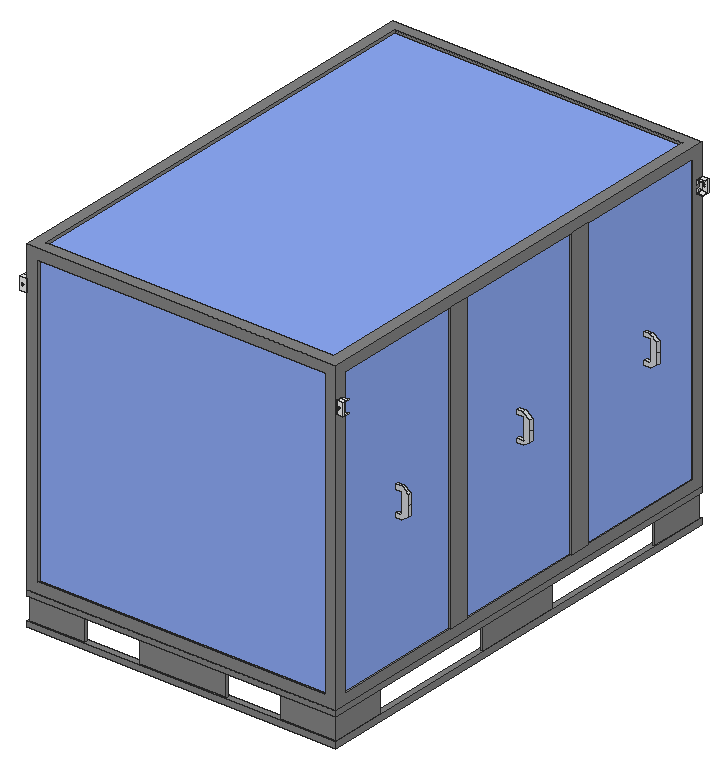
Revit family "11.1 Секция шумоглушения удлиненная ANR H2", category Оборудование, Revit 2016
Family settings
  Тип детали = Нормальный
  Размер круглого соединителя = Использовать диаметр
  На основе рабочей плоскости = Нет
  Всегда вертикально = Да
  При загрузке вырезать с полостями = Нет
  Общий = Нет
  Точка расчета площади = Нет
Parameters (values of type "ANR 6 H2")
  №6 = yes
  №45 = no
  №40 = no
  №35 = no
  №30 = no
  №25 = no
  №20 = no
  Ширина = А - 75 mm  # 1025 mm
  Синий = Синий
  Середина = h + Б1 / 2  # 670 mm
  К2 = Д / 8  # 203.125 mm
  К = (Д - 75 mm) / 3  # 516.667 mm
  Д1 = Д - 20 mm  # 1605 mm
  Д = 1625 mm  # constant formula
  ножки(да/нет) [instance] = no
  Высота = Б - 75 mm  # 1025 mm
  Б1 = Б - 20 mm  # 1080 mm
  А1 = А - 20 mm  # 1080 mm
  А = 1100 mm
  высота ножек = 120 mm
  Б = 1100 mm
  Частотный преобразователь [instance] = no
  Частота вращения n, об/мин = ""
  Тип, марка, обозначение = "ANR 6 H2"
  Сила тока J, А = ""
  Регулятор расхода [instance] = no
  Раздел = "ОВ"
  Примечание = ""
  Позиция = ""
  Напряжение U,В = ""
  Наименование и тех.хар-ка = "Секция шумоглушения удлиненная"  # constant formula
  Мощность двигателя N,Вт = ""
  Материал = Сталь серая
  Масса единицы = ""
  Код, оборудования = ""
  Ключевая пометка = "Вентиляция"
  Задание электрикам [instance] = no
  Задание автоматчикам [instance] = no
  Завод изготовитель = "KORF"  # constant formula
  Единица измерения = "шт."  # constant formula
  h = высота ножек + 10 mm  # 130 mm
Reference planes
  plane 1 "По центру (Вперед/Назад)": y = 0
  plane 2: z = 0
  plane 3 "По центру (Влево/Вправо)": x = 0
  plane 4: x = -540
  plane 5: x = 540
  plane 6: y = 802.5
  plane 7: y = -802.5
  plane 8: z = 1210
  plane 9: z = 130
  plane 10: y = -152
  plane 11: z = 670
  plane 12: z = 1110
  plane 13: x = 574.5
  plane 14: x = 590
  plane 15: y = -258.333
  plane 16: y = 258.333
  plane 17: x = 550
  plane 18: y = -540.833
  plane 19: y = 575
  plane 20: z = 614.658
Forms (mm)
  Extrusion 1, solid, material "Синий" <- "Синий", detail levels fine
    sketch origin (0, 0, 50) x (1, 0, 0) y (0, 1, 0)
      loop
        line (-540, 802.5) -> (-540, -802.5) -> (540, -802.5) -> (540, 802.5) -> (-540, 802.5)
    from 80 to 1160
  Sweep 2, solid, material "Сталь серая" <- "Материал", detail levels fine
    path origin (540, -802.5, 50) x (-1, 0, 0) y (0, 0, -1)
      loop
        line (0, -1160) -> (1080, -1160) -> (1080, -80) -> (0, -80) -> (0, -1160)
    profile "Профиль уголок 10х10 : Профиль уголок 10х10" origin (0, -802.5, 1210) x (0, 0, -1) y (0, -1, 0)
      loop
        line (0, -27.5) -> (0, 0) -> (27.5, 0) -> (27.5, 10) -> (-10, 10) -> (-10, -27.5) -> (0, -27.5)
  Sweep 3, solid, material "Сталь серая" <- "Материал", detail levels fine
    path origin (-540, 802.5, 50) x (1, 0, 0) y (0, 0, -1)
      loop
        line (0, -1160) -> (1080, -1160) -> (1080, -80) -> (0, -80) -> (0, -1160)
    profile "Профиль уголок 10х10 : Профиль уголок 10х10" origin (0, 802.5, 1210) x (0, 0, -1) y (0, 1, 0)
      loop
        line (0, -27.5) -> (0, 0) -> (27.5, 0) -> (27.5, 10) -> (-10, 10) -> (-10, -27.5) -> (0, -27.5)
  Sweep 4, solid, material "Сталь серая" <- "Материал", detail levels fine
    path origin (540, 802.5, 50) x (0, -1, 0) y (0, 0, -1)
      loop
        line (0, -1160) -> (1605, -1160) -> (1605, -80) -> (0, -80) -> (0, -1160)
    profile "Профиль уголок 10х10 : Профиль уголок 10х10" origin (540, 0, 1210) x (0, 0, -1) y (1, 0, 0)
      loop
        line (0, -27.5) -> (0, 0) -> (27.5, 0) -> (27.5, 10) -> (-10, 10) -> (-10, -27.5) -> (0, -27.5)
  Sweep 5, solid, material "Сталь серая" <- "Материал", detail levels fine
    path origin (-540, -802.5, 50) x (0, 1, 0) y (0, 0, -1)
      loop
        line (0, -1160) -> (1605, -1160) -> (1605, -80) -> (0, -80) -> (0, -1160)
    profile "Профиль уголок 10х10 : Профиль уголок 10х10" origin (-540, 0, 1210) x (0, 0, -1) y (-1, 0, 0)
      loop
        line (0, -27.5) -> (0, 0) -> (27.5, 0) -> (27.5, 10) -> (-10, 10) -> (-10, -27.5) -> (0, -27.5)
  Extrusion 6, void, not visible
    sketch origin (-345, -245, 50) x (0, -1, 0) y (0, 0, -1)
      loop
        line (-477.965, -475) -> (-477.965, -450) -> (-528.913, -450) -> (-528.913, -475) -> (-477.965, -475)
    from -47.452 to 12
  Sweep 7, solid, material "Сталь серая" <- "Материал", detail levels fine
    path origin (0, 0, 0) x (1, 0, 0) y (0, 1, 0)
      loop
        line (-540, 802.5) -> (-540, -802.5) -> (540, -802.5) -> (540, 802.5) -> (-540, 802.5)
    profile "Семейство1 : Семейство1" origin (0, 802.5, 0) x (0, 1, 0) y (0, 0, 1)
      loop
        line (-10, 120) -> (-10, 100) -> (-3.38, 100) -> (-3.38, 20) -> (-10, 20) -> (-10, 0) -> (10, 0) -> (10, 20) -> (3.38, 20) -> (3.38, 100) -> (10, 100) -> (10, 120) -> (-10, 120)
  Extrusion 8, void
    sketch origin (0, 0, 0) x (1, 0, 0) y (0, 0, 1)
      loop
        line (152.369, 100) -> (152.369, 20) -> (348.798, 20) -> (348.798, 100) -> (152.369, 100)
      loop
        line (-152.369, 100) -> (-348.798, 100) -> (-348.798, 20) -> (-152.369, 20) -> (-152.369, 100)
    from -812.5 to 812.5
  Extrusion 9, void
    sketch origin (0, 0, 0) x (0, 1, 0) y (0, 0, 1)
      loop
        line (-152.418, 100) -> (-611.155, 100) -> (-611.155, 20) -> (-152.418, 20) -> (-152.418, 100)
      loop
        line (152.418, 100) -> (152.418, 20) -> (611.155, 20) -> (611.155, 100) -> (152.418, 100)
    from -550 to 1700
  Extrusion 10, solid, material "Сталь серая" <- "Материал", detail levels fine
    sketch origin (560, 418.333, -7.5) x (0, 1, 0) y (0, 0, 1)
      loop
        line (-185, 1190) -> (-185, 165) -> (-113.641, 165) -> (-113.641, 1190) -> (-185, 1190)
    from -10 to -20
  Extrusion 11, solid, material "Сталь серая" <- "Материал", detail levels fine
    sketch origin (560, -240.2, 10.2) x (0, 1, 0) y (0, 0, 1)
      loop
        line (-63.133, 1172.3) -> (-63.133, 147.3) -> (6.867, 147.3) -> (6.867, 1172.3) -> (-63.133, 1172.3)
    from -10 to -20
Cuts and joins
  joined: Sweep 2, Sweep 3, Sweep 4, Sweep 5
  Extrusion 8, Extrusion 9 cuts Sweep 7
Lines and regions (mm)
  model lines, not visible, detail levels coarse
    curve 1: line (-460.077, 731.931, 0) -> (-420.077, 731.931, 0)
    curve 2: line (-460.077, -748.069, 0) -> (-460.077, 731.931, 0)
    curve 3: line (-420.077, -748.069, 0) -> (-460.077, -748.069, 0)
    curve 4: line (-420.077, 731.931, 0) -> (-420.077, -748.069, 0)
    curve 5: line (-350.077, 731.931, 0) -> (-310.077, 731.931, 0)
    curve 6: line (-350.077, -748.069, 0) -> (-350.077, 731.931, 0)
    curve 7: line (-310.077, -748.069, 0) -> (-350.077, -748.069, 0)
    curve 8: line (-310.077, 731.931, 0) -> (-310.077, -748.069, 0)
    curve 9: line (-240.077, 731.931, 0) -> (-200.077, 731.931, 0)
    curve 10: line (-240.077, -748.069, 0) -> (-240.077, 731.931, 0)
    curve 11: line (-200.077, -748.069, 0) -> (-240.077, -748.069, 0)
    curve 12: line (-200.077, 731.931, 0) -> (-200.077, -748.069, 0)
    curve 13: line (-130.077, 731.931, 0) -> (-90.077, 731.931, 0)
    curve 14: line (-130.077, -748.069, 0) -> (-130.077, 731.931, 0)
    curve 15: line (-90.077, -748.069, 0) -> (-130.077, -748.069, 0)
    curve 16: line (-90.077, 731.931, 0) -> (-90.077, -748.069, 0)
    curve 17: line (-20.077, 731.931, 0) -> (19.923, 731.931, 0)
    curve 18: line (-20.077, -748.069, 0) -> (-20.077, 731.931, 0)
    curve 19: line (19.923, -748.069, 0) -> (-20.077, -748.069, 0)
    curve 20: line (19.923, 731.931, 0) -> (19.923, -748.069, 0)
    curve 21: line (89.923, 731.931, 0) -> (129.923, 731.931, 0)
    curve 22: line (89.923, -748.069, 0) -> (89.923, 731.931, 0)
    curve 23: line (129.923, -748.069, 0) -> (89.923, -748.069, 0)
    curve 24: line (129.923, 731.931, 0) -> (129.923, -748.069, 0)
    curve 25: line (199.923, 731.931, 0) -> (239.923, 731.931, 0)
    curve 26: line (199.923, -748.069, 0) -> (199.923, 731.931, 0)
    curve 27: line (239.923, -748.069, 0) -> (199.923, -748.069, 0)
    curve 28: line (239.923, 731.931, 0) -> (239.923, -748.069, 0)
    curve 29: line (309.923, 731.931, 0) -> (349.923, 731.931, 0)
    curve 30: line (309.923, -748.069, 0) -> (309.923, 731.931, 0)
    curve 31: line (349.923, -748.069, 0) -> (309.923, -748.069, 0)
    curve 32: line (349.923, 731.931, 0) -> (349.923, -748.069, 0)
    curve 33: line (419.923, 731.931, 0) -> (459.923, 731.931, 0)
    curve 34: line (419.923, -748.069, 0) -> (419.923, 731.931, 0)
    curve 35: line (459.923, -748.069, 0) -> (419.923, -748.069, 0)
    curve 36: line (459.923, 731.931, 0) -> (459.923, -748.069, 0)
Dimensions and locks
  equal spacing: plane 6, plane 1 "По центру (Вперед/Назад)", plane 7
  "Д1": plane 6 to plane 7
  equal spacing: plane 4, plane 3 "По центру (Влево/Вправо)", plane 5
  "А1": plane 4 to plane 5
  "h": plane 9 to level
  "Б1": plane 8 to plane 9
  cut or joined group of Sweep 2, Sweep 3, Sweep 4, Sweep 5 to level = 120 mm
  locked: plane 3 "По центру (Влево/Вправо)" to cut or joined group of Sweep 7, Extrusion 8, Extrusion 9 at 152.369
  locked: cut or joined group of Sweep 7, Extrusion 8, Extrusion 9 to plane 3 "По центру (Влево/Вправо)" at 152.369
  locked: plane 1 "По центру (Вперед/Назад)" to plane 10 at 152
  "Середина": plane 11 to level
  locked: plane 11 to nested 2 at 55.342
  locked: plane 8 to plane 12 at 100
  plane 13 to Extrusion 10 = 34.5 mm
  locked: plane 14 to plane 5 at 50
  plane 1 "По центру (Вперед/Назад)" to plane 7 = 802.5 mm
  plane 6 to plane 1 "По центру (Вперед/Назад)" = 802.5 mm
  Extrusion 10 sketch curve to Extrusion 10 sketch curve = 71.359 mm
  locked: Extrusion 11 sketch curve to Extrusion 11 sketch curve at 70
  locked: plane 17 to plane 5 at 10
  plane 16 to cut or joined group of Sweep 2, Sweep 3, Sweep 4, Sweep 5 = 516.667 mm
  cut or joined group of Sweep 2, Sweep 3, Sweep 4, Sweep 5 to cut or joined group of Sweep 2, Sweep 3, Sweep 4, Sweep 5 = 1550 mm
  equal spacing: plane 15, plane 1 "По центру (Вперед/Назад)", plane 16
  "К": plane 15 to plane 16
  locked: Extrusion 10 to plane 16 at 25
  locked: plane 15 to Extrusion 11 at 25
  locked: plane 11 to plane 20 at 55.342
  aligned and locked: level to plane 2
  aligned and locked: plane 6 to Extrusion 1
  aligned and locked: Extrusion 1 to plane 5
  aligned and locked: Extrusion 1 to plane 7
  aligned and locked: Extrusion 1 to plane 4
  aligned and locked: plane 8 to Extrusion 1
  aligned and locked: Extrusion 1 to plane 9
  aligned and locked: Sweep 4 sketch curve to Extrusion 1  (x2)
  aligned and locked: Sweep 5 sketch curve to Extrusion 1  (x2)
  aligned and locked: Sweep 7 sketch curve to Extrusion 1  (x4)
  aligned and locked: Sweep 7 to Extrusion 8  (x2)
  aligned and locked: cut or joined group of Sweep 2, Sweep 3, Sweep 4, Sweep 5 to Extrusion 9
  aligned and locked: nested 4 to cut or joined group of Sweep 2, Sweep 3, Sweep 4, Sweep 5  (x2)
  aligned and locked: nested 4 to plane 12
  aligned and locked: nested 5 to plane 12
  aligned and locked: cut or joined group of Sweep 2, Sweep 3, Sweep 4, Sweep 5 to nested 5  (x2)
  aligned and locked: cut or joined group of Sweep 2, Sweep 3, Sweep 4, Sweep 5 to nested 4
  aligned and locked: cut or joined group of Sweep 2, Sweep 3, Sweep 4, Sweep 5 to nested 7
  aligned and locked: nested 6 to cut or joined group of Sweep 2, Sweep 3, Sweep 4, Sweep 5
  aligned and locked: plane 12 to nested 7
  aligned and locked: plane 12 to nested 6
  aligned and locked: nested 3 to nested 2
  aligned and locked: cut or joined group of Sweep 2, Sweep 3, Sweep 4, Sweep 5 to Extrusion 10
  aligned and locked: Extrusion 10 to Extrusion 1
  aligned and locked: nested 3 to plane 14
  aligned and locked: plane 14 to nested 2
  aligned and locked: nested 7 to cut or joined group of Sweep 2, Sweep 3, Sweep 4, Sweep 5
  aligned and locked: cut or joined group of Sweep 2, Sweep 3, Sweep 4, Sweep 5 to nested 6
  aligned and locked: nested 3 to plane 18
  aligned and locked: nested 2 to plane 19
  aligned and locked: plane 1 "По центру (Вперед/Назад)" to nested 8
  aligned and locked: Extrusion 10 to cut or joined group of Sweep 2, Sweep 3, Sweep 4, Sweep 5  (x2)
  aligned and locked: Extrusion 11 to cut or joined group of Sweep 2, Sweep 3, Sweep 4, Sweep 5  (x2)
  aligned and locked: plane 17 to Extrusion 11
  aligned and locked: Extrusion 11 to plane 5
  aligned and locked: nested 8 to plane 14
  aligned and locked: nested 8 to plane 20
  aligned and locked: nested 9 to plane 4
  aligned and locked: nested 9 to cut or joined group of Sweep 2, Sweep 3, Sweep 4, Sweep 5
  aligned and locked: plane 9 to nested 10
  aligned and locked: plane 7 to nested 11
  aligned and locked: plane 9 to nested 11
  aligned and locked: plane 7 to nested 12
  aligned and locked: plane 9 to nested 12
  aligned and locked: plane 7 to nested 13
  aligned and locked: plane 9 to nested 13
  aligned and locked: nested 14 to plane 7
  aligned and locked: plane 9 to nested 14
  aligned and locked: plane 7 to nested 15
  aligned and locked: plane 9 to nested 15
Automatic sketch dimensions
  Extrusion 6 sketch curve to Extrusion 6 sketch curve = 50.949 mm
  Extrusion 6 sketch curve to Extrusion 6 sketch curve = 25 mm
  Extrusion 1 sketch curve to plane 4 = 0 mm
  Extrusion 1 sketch curve to plane 5 = 0 mm
  Extrusion 1 sketch curve to plane 7 = 0 mm
  Extrusion 1 sketch curve to plane 6 = 0 mm
  Sweep 2 sketch curve to Extrusion 1 = 0 mm  (x4)
  Sweep 3 sketch curve to Extrusion 1 = 0 mm  (x3)
  Extrusion 1 to Sweep 3 sketch curve = 0 mm
  Sweep 4 sketch curve to Extrusion 1 = 0 mm  (x2)
  Sweep 5 sketch curve to Extrusion 1 = 0 mm  (x2)
  Extrusion 8 sketch curve to plane 9 = 30 mm  (x2)
  plane 4 to Extrusion 8 sketch curve = 191.202 mm
  level to Extrusion 8 sketch curve = 20 mm  (x2)
  Extrusion 8 sketch curve to plane 3 "По центру (Влево/Вправо)" = 152.369 mm
  plane 3 "По центру (Влево/Вправо)" to Extrusion 8 sketch curve = 152.369 mm
  Extrusion 8 sketch curve to plane 5 = 191.202 mm
  Extrusion 9 sketch curve to plane 9 = 30 mm  (x2)
  Extrusion 9 sketch curve to plane 18 = 70.321 mm
  Extrusion 9 sketch curve to plane 10 = 0.418 mm
  Extrusion 9 sketch curve to plane 16 = 105.915 mm
  plane 19 to Extrusion 9 sketch curve = 36.155 mm
  level to Extrusion 9 sketch curve = 20 mm  (x2)
  Extrusion 10 sketch curve to plane 16 = 25 mm
  plane 9 to Extrusion 10 sketch curve = 27.5 mm
  Extrusion 10 sketch curve to plane 8 = 27.5 mm
  Extrusion 11 sketch curve to plane 15 = 45 mm
  plane 9 to Extrusion 11 sketch curve = 27.5 mm
  Extrusion 11 sketch curve to plane 8 = 27.5 mm
Nested families
  nested 1: "крепление 15мм" at (-330, 229.965, 495), type "крепление 15мм", not visible
  nested 2: "Ручка" at (552.018, 575, 672.366), type "Ручка", detail levels fine
  nested 3: "Ручка" at (552.018, -540.833, 672.366), type "Ручка", detail levels fine
  nested 4: "крепеж" at (574.5, -812.5, 1065.175) x (-1, 0, 0) z (0, 0, 1), type "крепеж", detail levels fine
  nested 5: "крепеж" at (574.5, 812.5, 1065.175) x (-1, 0, 0) z (0, 0, 1), type "крепеж", detail levels fine
  nested 6: "крепеж" at (-574.5, -812.5, 1065.175), type "крепеж", detail levels fine
  nested 7: "крепеж" at (-574.5, 812.5, 1065.175), type "крепеж", detail levels fine
  nested 8: "Ручка" at (552.018, 0, 672.366), type "Ручка", detail levels fine
  nested 9: "УГО шумоглушитель (план)" at (0, -10, 1210), длина <- "Д1", Ширина <- "А1", type "УГО вентилятор", detail levels coarse+fine
    with длина 1605 mm, Ширина 1080 mm
  nested 10: "УГО шумоглушитель №6 (разрез)" at (0, 0, 130) x (0, 1, 0) z (0, 0, 1), длина <- "Д1", высота <- "Б1", visible <- "№6", type "УГО шумоглушитель №6 (разрез)", detail levels medium
    with длина 1605 mm, высота 1080 mm, Ширина 410 mm
  nested 11: "УГО шумоглушитель №20 (разрез)" at (0, 0, 130) x (0, 1, 0) z (0, 0, 1), высота <- "Б1", длина <- "Д1", visible <- "№20", type "УГО шумоглушитель №20 (разрез)", detail levels medium
    with длина 1605 mm, высота 1080 mm, Ширина 410 mm
  nested 12: "УГО шумоглушитель №25 (разрез)" at (0, 0, 130) x (0, 1, 0) z (0, 0, 1), длина <- "Д1", высота <- "Б1", visible <- "№25", type "УГО шумоглушитель №25 (разрез)", detail levels medium
    with длина 1605 mm, высота 1080 mm, Ширина 410 mm
  nested 13: "УГО шумоглушитель №35 (разрез)" at (0, 0, 130) x (0, 1, 0) z (0, 0, 1), visible <- "№35", длина <- "Д1", высота <- "Б1", type "УГО шумоглушитель №35 (разрез)", detail levels medium
    with длина 1605 mm, высота 1080 mm, Ширина 410 mm
  nested 14: "УГО шумоглушитель №40 (разрез)" at (0, -2.5, 130) x (0, 1, 0) z (0, 0, 1), visible <- "№40", type "УГО шумоглушитель №40 (разрез)", detail levels medium
    with длина 1600 mm, высота 3300 mm, Ширина 410 mm
  nested 15: "УГО шумоглушитель №45 (разрез)" at (0, 0, 130) x (0, 1, 0) z (0, 0, 1), длина <- "Д1", высота <- "Б1", visible <- "№45", type "УГО шумоглушитель №45 (разрез)", detail levels medium
    with длина 1605 mm, высота 1080 mm, Ширина 410 mm
Connectors
  hvac at (0, -812.5, 670), driven by "Высота", driven by "Ширина"
    settings: on cut or joined group of Sweep 2, Sweep 3, Sweep 4, Sweep 5, index 1, duct flow 0.0 L/s, flow factor 0, pres drop 0.0 Pa, loss coef 0, conn angle 0.00°, conn width 1025 mm, conn height 1025 mm, conn diameter 609.6 mm, duct sys type 28, conn prof type 1, flow config 0, flow direction 0, loss method 0, conn ref index 2, conn util no, is conn primary yes, conn desc ""
  hvac at (0, 812.5, 670), driven by "Ширина", driven by "Высота"
    settings: on cut or joined group of Sweep 2, Sweep 3, Sweep 4, Sweep 5, index 2, duct flow 0.0 L/s, flow factor 0, pres drop 0.0 Pa, loss coef 0, conn angle 0.00°, conn width 1025 mm, conn height 1025 mm, conn diameter 609.6 mm, duct sys type 28, conn prof type 1, flow config 0, flow direction 0, loss method 0, conn ref index 1, conn util no, is conn primary no, conn desc ""
Definition of nested family "крепление 15мм"
  Parameters (values of type "крепление 15мм")
    Материал крепления = none
  Reference planes
    plane 1 "По центру (Вперед/Назад)": y = 0
    plane 2: z = 0
    plane 3 "По центру (Влево/Вправо)": x = 0
  Forms (mm)
    Extrusion 1, solid, material <- "Материал крепления"
      sketch origin (0, 0, 0) x (1, 0, 0) y (0, 1, 0)
        loop
          line (-25, 0) -> (0, 0) -> (0, 18.31) -> (0, 25) -> (-3, 25) -> (-3, 3) -> (-25, 3) -> (-25, 0)
      from 0 to 30
    Extrusion 2, void
      sketch origin (0, 0, 0) x (1, 0, 0) y (0, 1, 0)
        loop
          line (-3, 3) -> (-3, 54.96) -> (-58, 54.96) -> (-58, 3) -> (-3, 3)
      from 0 to 15
  Cuts and joins
    Extrusion 2 cuts Extrusion 1
  Dimensions and locks
    Extrusion 1 sketch curve to Extrusion 1 sketch curve = 3 mm  (x2)
    Extrusion 1 sketch curve to Extrusion 1 sketch curve to plane 3 "По центру (Влево/Вправо)" = 25 mm, 0 mm
    Extrusion 1 sketch curve to Extrusion 1 sketch curve = 25 mm
    aligned and locked: level to plane 2
Definition of nested family "Ручка"
  Parameters (values of type "Ручка")
    материал ручки = none
  Reference planes
    plane 1 "По центру (Вперед/Назад)": y = 0
    plane 2: z = 0
    plane 3 "По центру (Влево/Вправо)": x = 0
    plane 4: x = -37.982
    plane 5: x = 37.982
  Forms (mm)
    Extrusion 1, solid, material <- "материал ручки", not visible
      sketch origin (-3.982, 0, -4.834) x (0, 0, 1) y (-1, 0, 0)
        loop
          line (-52.874, -42.815) -> (53.726, -42.815) -> (53.726, 8.783) -> (36.069, 34) -> (1.069, 34) -> (-36.069, 34) -> (-52.874, 10) -> (-52.874, -42.815)
      from 0 to 10
    Extrusion 2, void, not visible
      sketch origin (-3.982, 0, -4.834) x (0, 0, 1) y (-1, 0, 0)
        loop
          line (-37.219, -42.815) -> (37.781, -42.815) -> (37.781, 20.04) -> (-37.219, 20.04) -> (-37.219, -42.815)
      from 0 to 50
    Extrusion 3, solid, material <- "материал ручки"
      sketch origin (3.982, 0, -4.834) x (0, 0, 1) y (-1, 0, 0)
        loop
          line (-52.874, 42.815) -> (-52.874, -10) -> (-36.069, -34) -> (1.069, -34) -> (36.069, -34) -> (53.726, -8.783) -> (53.726, 42.815) -> (-52.874, 42.815)
      from 0 to 10
    Extrusion 4, void
      sketch origin (3.982, 0, -4.834) x (0, 0, 1) y (-1, 0, 0)
        loop
          line (-37.219, 42.815) -> (-37.219, -11.018) -> (37.781, -11.018) -> (37.781, 42.815) -> (-37.219, 42.815)
      from 0 to 50
  Cuts and joins
    Extrusion 4 cuts Extrusion 3
  Dimensions and locks
    aligned and locked: level to plane 2
Definition of nested family "крепеж"
  Parameters (values of type "крепеж")
    Материал крепежа = none
  Reference planes
    plane 1 "По центру (Вперед/Назад)": y = 0
    plane 2: z = 0
    plane 3 "По центру (Влево/Вправо)": x = 0
    plane 4: x = 24.5
    plane 5: z = 22.413
  Forms (mm)
    Extrusion 1, solid, material <- "Материал крепежа"
      sketch origin (0, 0, 0) x (0, 1, 0) y (0, 0, 1)
        loop
          line (0, 44.825) -> (-16.343, 44.825) -> (-24.468, 44.825) -> (-24.468, 42.95) -> (-1.968, 42.95) -> (-1.968, 1.657) -> (-24.468, 1.657) -> (-24.468, 0) -> (-16.343, 0) -> (0, 0) -> (0, 44.825)
      from 0 to 24.5
    Extrusion 2, void
      sketch origin (0.625, 0, -0.625) x (1, 0, 0) y (0, 0, 1)
        loop
          circle (11.121, 22.873) r 5
      from 0 to 250
    Extrusion 3, solid, material <- "Материал крепежа"
      sketch origin (0, 0, 0.175) x (1, 0, 0) y (0, 0, 1)
        loop
          line (24.5, 44.651) -> (22.651, 44.651) -> (22.651, -0.175) -> (24.5, -0.175) -> (24.5, 44.651)
      from 0 to 24.468
    Extrusion 4, void
      sketch origin (0, 0, 0) x (0, 1, 0) y (0, 0, 1)
        loop
          line (-24.468, 28.943) -> (-24.468, 15.882) -> (-9.468, 15.882) -> (-9.468, 28.943) -> (-24.468, 28.943)
      from 0 to 250
    Blend 5, solid
      base sketch origin (0, 0, 0) x (0, 1, 0) y (0, 0, 1)
        loop
          circle (-15.104, 36.823) r 4.161
      top sketch origin (0, 0, 0) x (0, 1, 0) y (0, 0, 1)
        loop
          circle (-15.104, 36.823) r 2.994
      from 22.651 to 19.241
    Blend 6, solid
      base sketch origin (0, 0, 44.825) x (0, 1, 0) y (0, 0, 1)
        loop
          circle (-15.104, -36.823) r 4.161
      top sketch origin (0, 0, 44.825) x (0, 1, 0) y (0, 0, 1)
        loop
          circle (-15.104, -36.823) r 2.994
      from 22.651 to 19.241
  Cuts and joins
    Extrusion 2, Extrusion 4 cuts Extrusion 1
    Extrusion 4 cuts Extrusion 3
    joined: Extrusion 1, Extrusion 3
  Dimensions and locks
    plane 3 "По центру (Влево/Вправо)" to plane 4 = 24.5 mm
    equal spacing: cut or joined group of Extrusion 1, Extrusion 2, Extrusion 3, Extrusion 4, plane 5, cut or joined group of Extrusion 1, Extrusion 2, Extrusion 3, Extrusion 4
    equal spacing: Extrusion 4 sketch curve, plane 5, Extrusion 4 sketch curve
    aligned and locked: level to plane 2
    aligned and locked: plane 4 to Extrusion 1
    aligned and locked: cut or joined group of Extrusion 1, Extrusion 2, Extrusion 3, Extrusion 4 to cut or joined group of Extrusion 1, Extrusion 2, Extrusion 3, Extrusion 4  (x3)
    aligned and locked: cut or joined group of Extrusion 1, Extrusion 2, Extrusion 3, Extrusion 4 to Blend 5
  Automatic sketch dimensions
    Extrusion 1 sketch curve to level = 0 mm
    Extrusion 1 sketch curve to plane 1 "По центру (Вперед/Назад)" = 0 mm
    plane 1 "По центру (Вперед/Назад)" to Extrusion 1 sketch curve = 1.968 mm
    Extrusion 1 sketch curve to Extrusion 1 sketch curve = 14.375 mm  (x2)
    level to Extrusion 1 sketch curve = 1.657 mm
    Extrusion 1 sketch curve to Extrusion 1 sketch curve = 8.125 mm  (x2)
    plane 5 to Extrusion 1 sketch curve = 20.538 mm
    Extrusion 1 sketch curve to Extrusion 1 sketch curve = 1.875 mm
    Extrusion 2 sketch curve to plane 5 = 0.165 mm
    plane 3 "По центру (Влево/Вправо)" to Extrusion 2 sketch curve = 11.746 mm
    Extrusion 3 sketch curve to level = 0 mm
    Extrusion 3 sketch curve to plane 4 = 0 mm
    Extrusion 3 sketch curve to Extrusion 3 sketch curve = 1.849 mm
    plane 5 to Extrusion 3 sketch curve = 22.413 mm
    Extrusion 4 sketch curve to plane 5 = 6.531 mm
    plane 1 "По центру (Вперед/Назад)" to Extrusion 4 sketch curve = 24.468 mm
    plane 1 "По центру (Вперед/Назад)" to Extrusion 4 sketch curve = 9.468 mm
    plane 1 "По центру (Вперед/Назад)" to Blend 5 sketch curve = 15.104 mm  (x2)
    plane 5 to Blend 5 sketch curve = 14.41 mm  (x2)
    Blend 6 sketch curve to plane 1 "По центру (Вперед/Назад)" = 15.104 mm  (x2)
    Blend 6 sketch curve to level = 8.002 mm  (x2)
    radius of Extrusion 2 sketch curve = 5 mm
    radius of Blend 5 sketch curve = 4.161 mm
    radius of Blend 5 sketch curve = 2.994 mm
    radius of Blend 6 sketch curve = 4.161 mm
    radius of Blend 6 sketch curve = 2.994 mm
Definition of nested family "УГО шумоглушитель (план)"
  Parameters (values of type "УГО вентилятор")
    длина [instance] = 1000 mm
    Ширина [instance] = 600 mm
    Частота вращения n, об/мин = ""
    Тип, марка, обозначение = ""
    Сила тока J, А = ""
    Раздел = "ВПИСАТЬ РАЗДЕЛ"
    Примечание = ""
    Позиция = ""
    Default Elevation = 1219.2 mm
    Напряжение U,В = ""
    Наименование и тех.хар-ка = ""
    Мощность двигателя N,Вт = ""
    Материал = none
    Масса единицы = ""
    Код, оборудования = ""
    Keynote = "ВПИСАТЬ СПЕЦИАЛЬНОСТЬ"
    Завод изготовитель = ""
    Единица измерения = ""
    Диаметр = 110 mm
  Reference planes
    plane 1 "По центру (Вперед/Назад)": y = 0
    plane 2: z = 0
    plane 3 "По центру (Влево/Вправо)": x = 0
    plane 4: y = 500
    plane 5: y = -500
    plane 6: x = -300
    plane 7: x = 300
  Lines and regions (mm)
    model lines
      curve 1: line (-300, 500, 0) -> (300, 500, 0)
      curve 2: line (-300, -500, 0) -> (-300, 500, 0)
      curve 3: line (300, -500, 0) -> (-300, -500, 0)
      curve 4: line (300, 500, 0) -> (300, -500, 0)
      curve 5: line (-244.199, 459.45, 0) -> (-204.199, 459.45, 0)
      curve 6: line (-244.199, -90.55, 0) -> (-244.199, 459.45, 0)
      curve 7: line (-204.199, -90.55, 0) -> (-244.199, -90.55, 0)
      curve 8: line (-204.199, 459.45, 0) -> (-204.199, -90.55, 0)
      curve 9: line (-104.199, 459.45, 0) -> (-64.199, 459.45, 0)
      curve 10: line (-104.199, -90.55, 0) -> (-104.199, 459.45, 0)
      curve 11: line (-64.199, -90.55, 0) -> (-104.199, -90.55, 0)
      curve 12: line (-64.199, 459.45, 0) -> (-64.199, -90.55, 0)
      curve 13: line (254.199, 459.45, 0) -> (214.199, 459.45, 0)
      curve 14: line (254.199, -90.55, 0) -> (254.199, 459.45, 0)
      curve 15: line (214.199, -90.55, 0) -> (254.199, -90.55, 0)
      curve 16: line (214.199, 459.45, 0) -> (214.199, -90.55, 0)
      curve 17: line (114.199, 459.45, 0) -> (74.199, 459.45, 0)
      curve 18: line (114.199, -90.55, 0) -> (114.199, 459.45, 0)
      curve 19: line (74.199, -90.55, 0) -> (114.199, -90.55, 0)
      curve 20: line (74.199, 459.45, 0) -> (74.199, -90.55, 0)
      curve 21: circle (0, -276.522, 0) r 135 normal (0, 0, 1)
      curve 22: line (0, -197.727, 0) -> (109.619, -197.727, 0)
      curve 23: line (0, -357.727, 0) -> (50, -357.727, 0)
      curve 24: line (50, -357.727, 0) -> (50, -272.727, 0)
      curve 25: line (50, -272.727, 0) -> (109.619, -197.727, 0)
      curve 26: line (0, -197.727, 0) -> (-109.619, -197.727, 0)
      curve 27: line (0, -357.727, 0) -> (-50, -357.727, 0)
      curve 28: line (-50, -357.727, 0) -> (-50, -272.727, 0)
      curve 29: line (-50, -272.727, 0) -> (-109.619, -197.727, 0)
    model lines, not visible
      curve 30: line (-244.199, 459.45, 0) -> (-204.199, 459.45, 0)
      curve 31: line (-244.199, -90.55, 0) -> (-244.199, 459.45, 0)
      curve 32: line (-204.199, -90.55, 0) -> (-244.199, -90.55, 0)
      curve 33: line (-204.199, 459.45, 0) -> (-204.199, -90.55, 0)
      curve 34: line (-104.199, 459.45, 0) -> (-64.199, 459.45, 0)
      curve 35: line (-104.199, -90.55, 0) -> (-104.199, 459.45, 0)
      curve 36: line (-64.199, -90.55, 0) -> (-104.199, -90.55, 0)
      curve 37: line (-64.199, 459.45, 0) -> (-64.199, -90.55, 0)
      curve 38: line (254.199, 459.45, 0) -> (214.199, 459.45, 0)
      curve 39: line (254.199, -90.55, 0) -> (254.199, 459.45, 0)
      curve 40: line (214.199, -90.55, 0) -> (254.199, -90.55, 0)
      curve 41: line (214.199, 459.45, 0) -> (214.199, -90.55, 0)
      curve 42: line (114.199, 459.45, 0) -> (74.199, 459.45, 0)
      curve 43: line (114.199, -90.55, 0) -> (114.199, 459.45, 0)
      curve 44: line (74.199, -90.55, 0) -> (114.199, -90.55, 0)
      curve 45: line (74.199, 459.45, 0) -> (74.199, -90.55, 0)
      curve 46: circle (0, -276.522, 0) r 135 normal (0, 0, 1)
      curve 47: line (0, -197.727, 0) -> (109.619, -197.727, 0)
      curve 48: line (0, -357.727, 0) -> (50, -357.727, 0)
      curve 49: line (50, -357.727, 0) -> (50, -272.727, 0)
      curve 50: line (50, -272.727, 0) -> (109.619, -197.727, 0)
      curve 51: line (0, -197.727, 0) -> (-109.619, -197.727, 0)
      curve 52: line (0, -357.727, 0) -> (-50, -357.727, 0)
      curve 53: line (-50, -357.727, 0) -> (-50, -272.727, 0)
      curve 54: line (-50, -272.727, 0) -> (-109.619, -197.727, 0)
  Dimensions and locks
    "Ширина": plane 6 to plane 7
    "длина": plane 4 to plane 5
    equal spacing: plane 5, plane 1 "По центру (Вперед/Назад)", plane 4
    equal spacing: plane 6, plane 3 "По центру (Влево/Вправо)", plane 7
    aligned and locked: level to plane 2
  Automatic sketch dimensions
    plane 5 to curve 3 = 0 mm
    curve 3 to plane 6 = 0 mm
    curve 4 to plane 4 = 0 mm
    curve 4 to plane 7 = 0 mm
Definition of nested family "УГО шумоглушитель №6 (разрез)"
  Parameters (values of type "УГО шумоглушитель №6 (разрез)")
    длина [instance] = 1600 mm
    высота [instance] = 1300 mm
    Ширина [instance] = 410 mm
    Частота вращения n, об/мин = ""
    Тип, марка, обозначение = ""
    Сила тока J, А = ""
    Раздел = ""
    Примечание = ""
    Позиция = ""
    Default Elevation = 1219.2 mm
    Напряжение U,В = ""
    Наименование и тех.хар-ка = ""
    Мощность двигателя N,Вт = ""
    Материал = none
    Масса единицы = ""
    Код, оборудования = ""
    Keynote = ""
    Завод изготовитель = ""
    Единица измерения = ""
    Диаметр = 110 mm
  Reference planes
    plane 1 "По центру (Вперед/Назад)": y = 0
    plane 2: z = 0
    plane 3 "По центру (Влево/Вправо)": x = 0
    plane 4: z = 1300
    plane 5: x = 800
    plane 6: x = -800
    plane 7: z = 650
  Lines and regions (mm)
    model lines
      curve 1: line (-800, 0, 0) -> (800, 0, 0)
      curve 2: line (-800, 0, 1300) -> (-800, 0, 0)
      curve 3: line (800, 0, 1300) -> (-800, 0, 1300)
      curve 4: line (800, 0, 0) -> (800, 0, 1300)
      curve 5: line (-218.39, 0, 205.227) -> (686.61, 0, 205.227)
      curve 6: line (-218.39, 0, 225.227) -> (-218.39, 0, 205.227)
      curve 7: line (686.61, 0, 225.227) -> (-218.39, 0, 225.227)
      curve 8: line (686.61, 0, 205.227) -> (686.61, 0, 225.227)
      curve 9: line (-218.39, 0, 301.899) -> (686.61, 0, 301.899)
      curve 10: line (-218.39, 0, 321.899) -> (-218.39, 0, 301.899)
      curve 11: line (686.61, 0, 321.899) -> (-218.39, 0, 321.899)
      curve 12: line (686.61, 0, 301.899) -> (686.61, 0, 321.899)
      curve 13: circle (-497.491, 0, 604.474) r 90 normal (0, -1, 0)
      curve 14: line (-555.939, 0, 604.474) -> (-555.939, 0, 569.474)
      curve 15: line (-555.939, 0, 569.474) -> (-510.939, 0, 569.474)
      curve 16: line (-510.939, 0, 569.474) -> (-455.223, 0, 535.996)
      curve 17: line (-455.223, 0, 535.996) -> (-455.223, 0, 604.474)
      curve 18: line (-555.939, 0, 604.474) -> (-555.939, 0, 639.474)
      curve 19: line (-555.939, 0, 639.474) -> (-510.939, 0, 639.474)
      curve 20: line (-510.939, 0, 639.474) -> (-455.223, 0, 672.951)
      curve 21: line (-455.223, 0, 672.951) -> (-455.223, 0, 604.474)
      curve 55: line (-218.39, 0, 398.57) -> (686.61, 0, 398.57)
      curve 56: line (-218.39, 0, 418.57) -> (-218.39, 0, 398.57)
      curve 57: line (686.61, 0, 418.57) -> (-218.39, 0, 418.57)
      curve 58: line (686.61, 0, 398.57) -> (686.61, 0, 418.57)
      curve 59: line (-218.39, 0, 495.242) -> (686.61, 0, 495.242)
      curve 60: line (-218.39, 0, 515.242) -> (-218.39, 0, 495.242)
      curve 61: line (686.61, 0, 515.242) -> (-218.39, 0, 515.242)
      curve 62: line (686.61, 0, 495.242) -> (686.61, 0, 515.242)
      curve 63: line (-218.39, 0, 591.913) -> (686.61, 0, 591.913)
      curve 64: line (-218.39, 0, 611.913) -> (-218.39, 0, 591.913)
      curve 65: line (686.61, 0, 611.913) -> (-218.39, 0, 611.913)
      curve 66: line (686.61, 0, 591.913) -> (686.61, 0, 611.913)
      curve 67: line (-218.39, 0, 688.585) -> (686.61, 0, 688.585)
      curve 68: line (-218.39, 0, 708.585) -> (-218.39, 0, 688.585)
      curve 69: line (686.61, 0, 708.585) -> (-218.39, 0, 708.585)
      curve 70: line (686.61, 0, 688.585) -> (686.61, 0, 708.585)
      curve 71: line (-218.39, 0, 785.256) -> (686.61, 0, 785.256)
      curve 72: line (-218.39, 0, 805.256) -> (-218.39, 0, 785.256)
      curve 73: line (686.61, 0, 805.256) -> (-218.39, 0, 805.256)
      curve 74: line (686.61, 0, 785.256) -> (686.61, 0, 805.256)
      curve 75: line (-218.39, 0, 881.928) -> (686.61, 0, 881.928)
      curve 76: line (-218.39, 0, 901.928) -> (-218.39, 0, 881.928)
      curve 77: line (686.61, 0, 901.928) -> (-218.39, 0, 901.928)
      curve 78: line (686.61, 0, 881.928) -> (686.61, 0, 901.928)
      curve 79: line (-218.39, 0, 978.599) -> (686.61, 0, 978.599)
      curve 80: line (-218.39, 0, 998.599) -> (-218.39, 0, 978.599)
      curve 81: line (686.61, 0, 998.599) -> (-218.39, 0, 998.599)
      curve 82: line (686.61, 0, 978.599) -> (686.61, 0, 998.599)
    model lines, not visible
      curve 22: line (-155.067, 0, 325.022) -> (464.933, 0, 325.022)
      curve 23: line (-155.067, 0, 305.022) -> (-155.067, 0, 325.022)
      curve 24: line (464.933, 0, 305.022) -> (-155.067, 0, 305.022)
      curve 25: line (464.933, 0, 325.022) -> (464.933, 0, 305.022)
      curve 26: line (-155.067, 0, 275.022) -> (464.933, 0, 275.022)
      curve 27: line (-155.067, 0, 255.022) -> (-155.067, 0, 275.022)
      curve 28: line (464.933, 0, 255.022) -> (-155.067, 0, 255.022)
      curve 29: line (464.933, 0, 275.022) -> (464.933, 0, 255.022)
      curve 30: line (-155.067, 0, 220.022) -> (464.933, 0, 220.022)
      curve 31: line (-155.067, 0, 200.022) -> (-155.067, 0, 220.022)
      curve 32: line (464.933, 0, 200.022) -> (-155.067, 0, 200.022)
      curve 33: line (464.933, 0, 220.022) -> (464.933, 0, 200.022)
      curve 34: line (-155.067, 0, 24.978) -> (464.933, 0, 24.978)
      curve 35: line (-155.067, 0, 44.978) -> (-155.067, 0, 24.978)
      curve 36: line (464.933, 0, 44.978) -> (-155.067, 0, 44.978)
      curve 37: line (464.933, 0, 24.978) -> (464.933, 0, 44.978)
      curve 38: line (-155.067, 0, 74.978) -> (464.933, 0, 74.978)
      curve 39: line (-155.067, 0, 94.978) -> (-155.067, 0, 74.978)
      curve 40: line (464.933, 0, 94.978) -> (-155.067, 0, 94.978)
      curve 41: line (464.933, 0, 74.978) -> (464.933, 0, 94.978)
      curve 42: line (-155.067, 0, 129.978) -> (464.933, 0, 129.978)
      curve 43: line (-155.067, 0, 149.978) -> (-155.067, 0, 129.978)
      curve 44: line (464.933, 0, 149.978) -> (-155.067, 0, 149.978)
      curve 45: line (464.933, 0, 129.978) -> (464.933, 0, 149.978)
      curve 46: circle (-331.553, 0, 175) r 90 normal (0, -1, 0)
      curve 47: line (-390, 0, 175) -> (-390, 0, 140)
      curve 48: line (-390, 0, 140) -> (-345, 0, 140)
      curve 49: line (-345, 0, 140) -> (-289.284, 0, 106.523)
      curve 50: line (-289.284, 0, 106.523) -> (-289.284, 0, 175)
      curve 51: line (-390, 0, 175) -> (-390, 0, 210)
      curve 52: line (-390, 0, 210) -> (-345, 0, 210)
      curve 53: line (-345, 0, 210) -> (-289.284, 0, 243.477)
      curve 54: line (-289.284, 0, 243.477) -> (-289.284, 0, 175)
      curve 83: line (-203.39, 0, 105.227) -> (701.61, 0, 105.227)
      curve 84: line (-203.39, 0, 125.227) -> (-203.39, 0, 105.227)
      curve 85: line (701.61, 0, 125.227) -> (-203.39, 0, 125.227)
      curve 86: line (701.61, 0, 105.227) -> (701.61, 0, 125.227)
      curve 87: line (-203.39, 0, 201.899) -> (701.61, 0, 201.899)
      curve 88: line (-203.39, 0, 221.899) -> (-203.39, 0, 201.899)
      curve 89: line (701.61, 0, 221.899) -> (-203.39, 0, 221.899)
      curve 90: line (701.61, 0, 201.899) -> (701.61, 0, 221.899)
      curve 91: circle (-482.491, 0, 504.474) r 90 normal (0, -1, 0)
      curve 92: line (-540.939, 0, 504.474) -> (-540.939, 0, 469.474)
      curve 93: line (-540.939, 0, 469.474) -> (-495.939, 0, 469.474)
      curve 94: line (-495.939, 0, 469.474) -> (-440.223, 0, 435.996)
      curve 95: line (-440.223, 0, 435.996) -> (-440.223, 0, 504.474)
      curve 96: line (-540.939, 0, 504.474) -> (-540.939, 0, 539.474)
      curve 97: line (-540.939, 0, 539.474) -> (-495.939, 0, 539.474)
      curve 98: line (-495.939, 0, 539.474) -> (-440.223, 0, 572.951)
      curve 99: line (-440.223, 0, 572.951) -> (-440.223, 0, 504.474)
      curve 100: line (-203.39, 0, 298.57) -> (701.61, 0, 298.57)
      curve 101: line (-203.39, 0, 318.57) -> (-203.39, 0, 298.57)
      curve 102: line (701.61, 0, 318.57) -> (-203.39, 0, 318.57)
      curve 103: line (701.61, 0, 298.57) -> (701.61, 0, 318.57)
      curve 104: line (-203.39, 0, 395.242) -> (701.61, 0, 395.242)
      curve 105: line (-203.39, 0, 415.242) -> (-203.39, 0, 395.242)
      curve 106: line (701.61, 0, 415.242) -> (-203.39, 0, 415.242)
      curve 107: line (701.61, 0, 395.242) -> (701.61, 0, 415.242)
      curve 108: line (-203.39, 0, 491.913) -> (701.61, 0, 491.913)
      curve 109: line (-203.39, 0, 511.913) -> (-203.39, 0, 491.913)
      curve 110: line (701.61, 0, 511.913) -> (-203.39, 0, 511.913)
      curve 111: line (701.61, 0, 491.913) -> (701.61, 0, 511.913)
      curve 112: line (-203.39, 0, 588.585) -> (701.61, 0, 588.585)
      curve 113: line (-203.39, 0, 608.585) -> (-203.39, 0, 588.585)
      curve 114: line (701.61, 0, 608.585) -> (-203.39, 0, 608.585)
      curve 115: line (701.61, 0, 588.585) -> (701.61, 0, 608.585)
      curve 116: line (-203.39, 0, 685.256) -> (701.61, 0, 685.256)
      curve 117: line (-203.39, 0, 705.256) -> (-203.39, 0, 685.256)
      curve 118: line (701.61, 0, 705.256) -> (-203.39, 0, 705.256)
      curve 119: line (701.61, 0, 685.256) -> (701.61, 0, 705.256)
      curve 120: line (-203.39, 0, 781.928) -> (701.61, 0, 781.928)
      curve 121: line (-203.39, 0, 801.928) -> (-203.39, 0, 781.928)
      curve 122: line (701.61, 0, 801.928) -> (-203.39, 0, 801.928)
      curve 123: line (701.61, 0, 781.928) -> (701.61, 0, 801.928)
      curve 124: line (-203.39, 0, 878.599) -> (701.61, 0, 878.599)
      curve 125: line (-203.39, 0, 898.599) -> (-203.39, 0, 878.599)
      curve 126: line (701.61, 0, 898.599) -> (-203.39, 0, 898.599)
      curve 127: line (701.61, 0, 878.599) -> (701.61, 0, 898.599)
  Dimensions and locks
    equal spacing: plane 5, plane 3 "По центру (Влево/Вправо)", plane 6
    "длина": plane 5 to plane 6
    "высота": plane 4 to level
    equal spacing: plane 4, plane 7, plane 2
    aligned and locked: level to plane 2
  Automatic sketch dimensions
    curve 3 to plane 4 = 0 mm
    curve 3 to plane 6 = 0 mm
    curve 3 to plane 5 = 0 mm
    curve 1 to level = 0 mm
Definition of nested family "УГО шумоглушитель №20 (разрез)"
  Parameters (values of type "УГО шумоглушитель №20 (разрез)")
    длина [instance] = 1600 mm
    высота [instance] = 1600 mm
    Ширина [instance] = 410 mm
    Частота вращения n, об/мин = ""
    Тип, марка, обозначение = ""
    Сила тока J, А = ""
    Раздел = ""
    Примечание = ""
    Позиция = ""
    Default Elevation = 1219.2 mm
    Напряжение U,В = ""
    Наименование и тех.хар-ка = ""
    Мощность двигателя N,Вт = ""
    Материал = none
    Масса единицы = ""
    Код, оборудования = ""
    Keynote = ""
    Завод изготовитель = ""
    Единица измерения = ""
    Диаметр = 110 mm
  Reference planes
    plane 1 "По центру (Вперед/Назад)": y = 0
    plane 2: z = 0
    plane 3 "По центру (Влево/Вправо)": x = 0
    plane 4: z = 1600
    plane 5: x = 800
    plane 6: x = -800
    plane 7: z = 800
  Lines and regions (mm)
    model lines
      curve 1: line (-800, 0, 0) -> (800, 0, 0)
      curve 2: line (-800, 0, 1600) -> (-800, 0, 0)
      curve 3: line (800, 0, 1600) -> (-800, 0, 1600)
      curve 4: line (800, 0, 0) -> (800, 0, 1600)
      curve 5: line (-218.39, 0, 405.227) -> (686.61, 0, 405.227)
      curve 6: line (-218.39, 0, 425.227) -> (-218.39, 0, 405.227)
      curve 7: line (686.61, 0, 425.227) -> (-218.39, 0, 425.227)
      curve 8: line (686.61, 0, 405.227) -> (686.61, 0, 425.227)
      curve 9: line (-218.39, 0, 501.899) -> (686.61, 0, 501.899)
      curve 10: line (-218.39, 0, 521.899) -> (-218.39, 0, 501.899)
      curve 11: line (686.61, 0, 521.899) -> (-218.39, 0, 521.899)
      curve 12: line (686.61, 0, 501.899) -> (686.61, 0, 521.899)
      curve 13: circle (-497.491, 0, 804.474) r 90 normal (0, -1, 0)
      curve 14: line (-555.939, 0, 804.474) -> (-555.939, 0, 769.474)
      curve 15: line (-555.939, 0, 769.474) -> (-510.939, 0, 769.474)
      curve 16: line (-510.939, 0, 769.474) -> (-455.223, 0, 735.996)
      curve 17: line (-455.223, 0, 735.996) -> (-455.223, 0, 804.474)
      curve 18: line (-555.939, 0, 804.474) -> (-555.939, 0, 839.474)
      curve 19: line (-555.939, 0, 839.474) -> (-510.939, 0, 839.474)
      curve 20: line (-510.939, 0, 839.474) -> (-455.223, 0, 872.951)
      curve 21: line (-455.223, 0, 872.951) -> (-455.223, 0, 804.474)
      curve 55: line (-218.39, 0, 598.57) -> (686.61, 0, 598.57)
      curve 56: line (-218.39, 0, 618.57) -> (-218.39, 0, 598.57)
      curve 57: line (686.61, 0, 618.57) -> (-218.39, 0, 618.57)
      curve 58: line (686.61, 0, 598.57) -> (686.61, 0, 618.57)
      curve 59: line (-218.39, 0, 695.242) -> (686.61, 0, 695.242)
      curve 60: line (-218.39, 0, 715.242) -> (-218.39, 0, 695.242)
      curve 61: line (686.61, 0, 715.242) -> (-218.39, 0, 715.242)
      curve 62: line (686.61, 0, 695.242) -> (686.61, 0, 715.242)
      curve 63: line (-218.39, 0, 791.913) -> (686.61, 0, 791.913)
      curve 64: line (-218.39, 0, 811.913) -> (-218.39, 0, 791.913)
      curve 65: line (686.61, 0, 811.913) -> (-218.39, 0, 811.913)
      curve 66: line (686.61, 0, 791.913) -> (686.61, 0, 811.913)
      curve 67: line (-218.39, 0, 888.585) -> (686.61, 0, 888.585)
      curve 68: line (-218.39, 0, 908.585) -> (-218.39, 0, 888.585)
      curve 69: line (686.61, 0, 908.585) -> (-218.39, 0, 908.585)
      curve 70: line (686.61, 0, 888.585) -> (686.61, 0, 908.585)
      curve 71: line (-218.39, 0, 985.256) -> (686.61, 0, 985.256)
      curve 72: line (-218.39, 0, 1005.256) -> (-218.39, 0, 985.256)
      curve 73: line (686.61, 0, 1005.256) -> (-218.39, 0, 1005.256)
      curve 74: line (686.61, 0, 985.256) -> (686.61, 0, 1005.256)
      curve 75: line (-218.39, 0, 1081.928) -> (686.61, 0, 1081.928)
      curve 76: line (-218.39, 0, 1101.928) -> (-218.39, 0, 1081.928)
      curve 77: line (686.61, 0, 1101.928) -> (-218.39, 0, 1101.928)
      curve 78: line (686.61, 0, 1081.928) -> (686.61, 0, 1101.928)
      curve 79: line (-218.39, 0, 1178.599) -> (686.61, 0, 1178.599)
      curve 80: line (-218.39, 0, 1198.599) -> (-218.39, 0, 1178.599)
      curve 81: line (686.61, 0, 1198.599) -> (-218.39, 0, 1198.599)
      curve 82: line (686.61, 0, 1178.599) -> (686.61, 0, 1198.599)
    model lines, not visible
      curve 22: line (-155.067, 0, 325.022) -> (464.933, 0, 325.022)
      curve 23: line (-155.067, 0, 305.022) -> (-155.067, 0, 325.022)
      curve 24: line (464.933, 0, 305.022) -> (-155.067, 0, 305.022)
      curve 25: line (464.933, 0, 325.022) -> (464.933, 0, 305.022)
      curve 26: line (-155.067, 0, 275.022) -> (464.933, 0, 275.022)
      curve 27: line (-155.067, 0, 255.022) -> (-155.067, 0, 275.022)
      curve 28: line (464.933, 0, 255.022) -> (-155.067, 0, 255.022)
      curve 29: line (464.933, 0, 275.022) -> (464.933, 0, 255.022)
      curve 30: line (-155.067, 0, 220.022) -> (464.933, 0, 220.022)
      curve 31: line (-155.067, 0, 200.022) -> (-155.067, 0, 220.022)
      curve 32: line (464.933, 0, 200.022) -> (-155.067, 0, 200.022)
      curve 33: line (464.933, 0, 220.022) -> (464.933, 0, 200.022)
      curve 34: line (-155.067, 0, 24.978) -> (464.933, 0, 24.978)
      curve 35: line (-155.067, 0, 44.978) -> (-155.067, 0, 24.978)
      curve 36: line (464.933, 0, 44.978) -> (-155.067, 0, 44.978)
      curve 37: line (464.933, 0, 24.978) -> (464.933, 0, 44.978)
      curve 38: line (-155.067, 0, 74.978) -> (464.933, 0, 74.978)
      curve 39: line (-155.067, 0, 94.978) -> (-155.067, 0, 74.978)
      curve 40: line (464.933, 0, 94.978) -> (-155.067, 0, 94.978)
      curve 41: line (464.933, 0, 74.978) -> (464.933, 0, 94.978)
      curve 42: line (-155.067, 0, 129.978) -> (464.933, 0, 129.978)
      curve 43: line (-155.067, 0, 149.978) -> (-155.067, 0, 129.978)
      curve 44: line (464.933, 0, 149.978) -> (-155.067, 0, 149.978)
      curve 45: line (464.933, 0, 129.978) -> (464.933, 0, 149.978)
      curve 46: circle (-331.553, 0, 175) r 90 normal (0, -1, 0)
      curve 47: line (-390, 0, 175) -> (-390, 0, 140)
      curve 48: line (-390, 0, 140) -> (-345, 0, 140)
      curve 49: line (-345, 0, 140) -> (-289.284, 0, 106.523)
      curve 50: line (-289.284, 0, 106.523) -> (-289.284, 0, 175)
      curve 51: line (-390, 0, 175) -> (-390, 0, 210)
      curve 52: line (-390, 0, 210) -> (-345, 0, 210)
      curve 53: line (-345, 0, 210) -> (-289.284, 0, 243.477)
      curve 54: line (-289.284, 0, 243.477) -> (-289.284, 0, 175)
      curve 83: line (-203.39, 0, 105.227) -> (701.61, 0, 105.227)
      curve 84: line (-203.39, 0, 125.227) -> (-203.39, 0, 105.227)
      curve 85: line (701.61, 0, 125.227) -> (-203.39, 0, 125.227)
      curve 86: line (701.61, 0, 105.227) -> (701.61, 0, 125.227)
      curve 87: line (-203.39, 0, 201.899) -> (701.61, 0, 201.899)
      curve 88: line (-203.39, 0, 221.899) -> (-203.39, 0, 201.899)
      curve 89: line (701.61, 0, 221.899) -> (-203.39, 0, 221.899)
      curve 90: line (701.61, 0, 201.899) -> (701.61, 0, 221.899)
      curve 91: circle (-482.491, 0, 504.474) r 90 normal (0, -1, 0)
      curve 92: line (-540.939, 0, 504.474) -> (-540.939, 0, 469.474)
      curve 93: line (-540.939, 0, 469.474) -> (-495.939, 0, 469.474)
      curve 94: line (-495.939, 0, 469.474) -> (-440.223, 0, 435.996)
      curve 95: line (-440.223, 0, 435.996) -> (-440.223, 0, 504.474)
      curve 96: line (-540.939, 0, 504.474) -> (-540.939, 0, 539.474)
      curve 97: line (-540.939, 0, 539.474) -> (-495.939, 0, 539.474)
      curve 98: line (-495.939, 0, 539.474) -> (-440.223, 0, 572.951)
      curve 99: line (-440.223, 0, 572.951) -> (-440.223, 0, 504.474)
      curve 100: line (-203.39, 0, 298.57) -> (701.61, 0, 298.57)
      curve 101: line (-203.39, 0, 318.57) -> (-203.39, 0, 298.57)
      curve 102: line (701.61, 0, 318.57) -> (-203.39, 0, 318.57)
      curve 103: line (701.61, 0, 298.57) -> (701.61, 0, 318.57)
      curve 104: line (-203.39, 0, 395.242) -> (701.61, 0, 395.242)
      curve 105: line (-203.39, 0, 415.242) -> (-203.39, 0, 395.242)
      curve 106: line (701.61, 0, 415.242) -> (-203.39, 0, 415.242)
      curve 107: line (701.61, 0, 395.242) -> (701.61, 0, 415.242)
      curve 108: line (-203.39, 0, 491.913) -> (701.61, 0, 491.913)
      curve 109: line (-203.39, 0, 511.913) -> (-203.39, 0, 491.913)
      curve 110: line (701.61, 0, 511.913) -> (-203.39, 0, 511.913)
      curve 111: line (701.61, 0, 491.913) -> (701.61, 0, 511.913)
      curve 112: line (-203.39, 0, 588.585) -> (701.61, 0, 588.585)
      curve 113: line (-203.39, 0, 608.585) -> (-203.39, 0, 588.585)
      curve 114: line (701.61, 0, 608.585) -> (-203.39, 0, 608.585)
      curve 115: line (701.61, 0, 588.585) -> (701.61, 0, 608.585)
      curve 116: line (-203.39, 0, 685.256) -> (701.61, 0, 685.256)
      curve 117: line (-203.39, 0, 705.256) -> (-203.39, 0, 685.256)
      curve 118: line (701.61, 0, 705.256) -> (-203.39, 0, 705.256)
      curve 119: line (701.61, 0, 685.256) -> (701.61, 0, 705.256)
      curve 120: line (-203.39, 0, 781.928) -> (701.61, 0, 781.928)
      curve 121: line (-203.39, 0, 801.928) -> (-203.39, 0, 781.928)
      curve 122: line (701.61, 0, 801.928) -> (-203.39, 0, 801.928)
      curve 123: line (701.61, 0, 781.928) -> (701.61, 0, 801.928)
      curve 124: line (-203.39, 0, 878.599) -> (701.61, 0, 878.599)
      curve 125: line (-203.39, 0, 898.599) -> (-203.39, 0, 878.599)
      curve 126: line (701.61, 0, 898.599) -> (-203.39, 0, 898.599)
      curve 127: line (701.61, 0, 878.599) -> (701.61, 0, 898.599)
  Dimensions and locks
    equal spacing: plane 5, plane 3 "По центру (Влево/Вправо)", plane 6
    "длина": plane 5 to plane 6
    "высота": plane 4 to level
    equal spacing: plane 4, plane 7, plane 2
    aligned and locked: level to plane 2
  Automatic sketch dimensions
    curve 3 to plane 4 = 0 mm
    curve 3 to plane 6 = 0 mm
    curve 3 to plane 5 = 0 mm
    curve 1 to level = 0 mm
Definition of nested family "УГО шумоглушитель №25 (разрез)"
  Parameters (values of type "УГО шумоглушитель №25 (разрез)")
    длина [instance] = 1600 mm
    высота [instance] = 2000 mm
    Ширина [instance] = 410 mm
    Частота вращения n, об/мин = ""
    Тип, марка, обозначение = ""
    Сила тока J, А = ""
    Раздел = ""
    Примечание = ""
    Позиция = ""
    Default Elevation = 1219.2 mm
    Напряжение U,В = ""
    Наименование и тех.хар-ка = ""
    Мощность двигателя N,Вт = ""
    Материал = none
    Масса единицы = ""
    Код, оборудования = ""
    Keynote = ""
    Завод изготовитель = ""
    Единица измерения = ""
    Диаметр = 110 mm
  Reference planes
    plane 1 "По центру (Вперед/Назад)": y = 0
    plane 2: z = 0
    plane 3 "По центру (Влево/Вправо)": x = 0
    plane 4: z = 2000
    plane 5: x = 800
    plane 6: x = -800
    plane 7: z = 1000
  Lines and regions (mm)
    model lines
      curve 1: line (-800, 0, 0) -> (800, 0, 0)
      curve 2: line (-800, 0, 2000) -> (-800, 0, 0)
      curve 3: line (800, 0, 2000) -> (-800, 0, 2000)
      curve 4: line (800, 0, 0) -> (800, 0, 2000)
      curve 5: line (-218.39, 0, 405.227) -> (686.61, 0, 405.227)
      curve 6: line (-218.39, 0, 425.227) -> (-218.39, 0, 405.227)
      curve 7: line (686.61, 0, 425.227) -> (-218.39, 0, 425.227)
      curve 8: line (686.61, 0, 405.227) -> (686.61, 0, 425.227)
      curve 9: line (-218.39, 0, 501.899) -> (686.61, 0, 501.899)
      curve 10: line (-218.39, 0, 521.899) -> (-218.39, 0, 501.899)
      curve 11: line (686.61, 0, 521.899) -> (-218.39, 0, 521.899)
      curve 12: line (686.61, 0, 501.899) -> (686.61, 0, 521.899)
      curve 13: circle (-524.48, 0, 1051.226) r 90 normal (0, -1, 0)
      curve 14: line (-582.927, 0, 1051.226) -> (-582.927, 0, 1016.226)
      curve 15: line (-582.927, 0, 1016.226) -> (-537.927, 0, 1016.226)
      curve 16: line (-537.927, 0, 1016.226) -> (-482.211, 0, 982.749)
      curve 17: line (-482.211, 0, 982.749) -> (-482.211, 0, 1051.226)
      curve 18: line (-582.927, 0, 1051.226) -> (-582.927, 0, 1086.226)
      curve 19: line (-582.927, 0, 1086.226) -> (-537.927, 0, 1086.226)
      curve 20: line (-537.927, 0, 1086.226) -> (-482.211, 0, 1119.704)
      curve 21: line (-482.211, 0, 1119.704) -> (-482.211, 0, 1051.226)
      curve 55: line (-218.39, 0, 598.57) -> (686.61, 0, 598.57)
      curve 56: line (-218.39, 0, 618.57) -> (-218.39, 0, 598.57)
      curve 57: line (686.61, 0, 618.57) -> (-218.39, 0, 618.57)
      curve 58: line (686.61, 0, 598.57) -> (686.61, 0, 618.57)
      curve 59: line (-218.39, 0, 695.242) -> (686.61, 0, 695.242)
      curve 60: line (-218.39, 0, 715.242) -> (-218.39, 0, 695.242)
      curve 61: line (686.61, 0, 715.242) -> (-218.39, 0, 715.242)
      curve 62: line (686.61, 0, 695.242) -> (686.61, 0, 715.242)
      curve 63: line (-218.39, 0, 791.913) -> (686.61, 0, 791.913)
      curve 64: line (-218.39, 0, 811.913) -> (-218.39, 0, 791.913)
      curve 65: line (686.61, 0, 811.913) -> (-218.39, 0, 811.913)
      curve 66: line (686.61, 0, 791.913) -> (686.61, 0, 811.913)
      curve 67: line (-218.39, 0, 888.585) -> (686.61, 0, 888.585)
      curve 68: line (-218.39, 0, 908.585) -> (-218.39, 0, 888.585)
      curve 69: line (686.61, 0, 908.585) -> (-218.39, 0, 908.585)
      curve 70: line (686.61, 0, 888.585) -> (686.61, 0, 908.585)
      curve 71: line (-218.39, 0, 985.256) -> (686.61, 0, 985.256)
      curve 72: line (-218.39, 0, 1005.256) -> (-218.39, 0, 985.256)
      curve 73: line (686.61, 0, 1005.256) -> (-218.39, 0, 1005.256)
      curve 74: line (686.61, 0, 985.256) -> (686.61, 0, 1005.256)
      curve 75: line (-218.39, 0, 1081.928) -> (686.61, 0, 1081.928)
      curve 76: line (-218.39, 0, 1101.928) -> (-218.39, 0, 1081.928)
      curve 77: line (686.61, 0, 1101.928) -> (-218.39, 0, 1101.928)
      curve 78: line (686.61, 0, 1081.928) -> (686.61, 0, 1101.928)
      curve 79: line (-218.39, 0, 1178.599) -> (686.61, 0, 1178.599)
      curve 80: line (-218.39, 0, 1198.599) -> (-218.39, 0, 1178.599)
      curve 81: line (686.61, 0, 1198.599) -> (-218.39, 0, 1198.599)
      curve 82: line (686.61, 0, 1178.599) -> (686.61, 0, 1198.599)
      curve 128: line (-218.39, 0, 1275.271) -> (686.61, 0, 1275.271)
      curve 129: line (-218.39, 0, 1295.271) -> (-218.39, 0, 1275.271)
      curve 130: line (686.61, 0, 1295.271) -> (-218.39, 0, 1295.271)
      curve 131: line (686.61, 0, 1275.271) -> (686.61, 0, 1295.271)
      curve 132: line (-218.39, 0, 1371.943) -> (686.61, 0, 1371.943)
      curve 133: line (-218.39, 0, 1391.943) -> (-218.39, 0, 1371.943)
      curve 134: line (686.61, 0, 1391.943) -> (-218.39, 0, 1391.943)
      curve 135: line (686.61, 0, 1371.943) -> (686.61, 0, 1391.943)
      curve 136: line (-218.39, 0, 1468.614) -> (686.61, 0, 1468.614)
      curve 137: line (-218.39, 0, 1488.614) -> (-218.39, 0, 1468.614)
      curve 138: line (686.61, 0, 1488.614) -> (-218.39, 0, 1488.614)
      curve 139: line (686.61, 0, 1468.614) -> (686.61, 0, 1488.614)
      curve 140: line (-218.39, 0, 1565.286) -> (686.61, 0, 1565.286)
      curve 141: line (-218.39, 0, 1585.286) -> (-218.39, 0, 1565.286)
      curve 142: line (686.61, 0, 1585.286) -> (-218.39, 0, 1585.286)
      curve 143: line (686.61, 0, 1565.286) -> (686.61, 0, 1585.286)
      curve 144: line (-218.39, 0, 1661.957) -> (686.61, 0, 1661.957)
      curve 145: line (-218.39, 0, 1681.957) -> (-218.39, 0, 1661.957)
      curve 146: line (686.61, 0, 1681.957) -> (-218.39, 0, 1681.957)
      curve 147: line (686.61, 0, 1661.957) -> (686.61, 0, 1681.957)
    model lines, not visible
      curve 22: line (-155.067, 0, 325.022) -> (464.933, 0, 325.022)
      curve 23: line (-155.067, 0, 305.022) -> (-155.067, 0, 325.022)
      curve 24: line (464.933, 0, 305.022) -> (-155.067, 0, 305.022)
      curve 25: line (464.933, 0, 325.022) -> (464.933, 0, 305.022)
      curve 26: line (-155.067, 0, 275.022) -> (464.933, 0, 275.022)
      curve 27: line (-155.067, 0, 255.022) -> (-155.067, 0, 275.022)
      curve 28: line (464.933, 0, 255.022) -> (-155.067, 0, 255.022)
      curve 29: line (464.933, 0, 275.022) -> (464.933, 0, 255.022)
      curve 30: line (-155.067, 0, 220.022) -> (464.933, 0, 220.022)
      curve 31: line (-155.067, 0, 200.022) -> (-155.067, 0, 220.022)
      curve 32: line (464.933, 0, 200.022) -> (-155.067, 0, 200.022)
      curve 33: line (464.933, 0, 220.022) -> (464.933, 0, 200.022)
      curve 34: line (-155.067, 0, 24.978) -> (464.933, 0, 24.978)
      curve 35: line (-155.067, 0, 44.978) -> (-155.067, 0, 24.978)
      curve 36: line (464.933, 0, 44.978) -> (-155.067, 0, 44.978)
      curve 37: line (464.933, 0, 24.978) -> (464.933, 0, 44.978)
      curve 38: line (-155.067, 0, 74.978) -> (464.933, 0, 74.978)
      curve 39: line (-155.067, 0, 94.978) -> (-155.067, 0, 74.978)
      curve 40: line (464.933, 0, 94.978) -> (-155.067, 0, 94.978)
      curve 41: line (464.933, 0, 74.978) -> (464.933, 0, 94.978)
      curve 42: line (-155.067, 0, 129.978) -> (464.933, 0, 129.978)
      curve 43: line (-155.067, 0, 149.978) -> (-155.067, 0, 129.978)
      curve 44: line (464.933, 0, 149.978) -> (-155.067, 0, 149.978)
      curve 45: line (464.933, 0, 129.978) -> (464.933, 0, 149.978)
      curve 46: circle (-331.553, 0, 175) r 90 normal (0, -1, 0)
      curve 47: line (-390, 0, 175) -> (-390, 0, 140)
      curve 48: line (-390, 0, 140) -> (-345, 0, 140)
      curve 49: line (-345, 0, 140) -> (-289.284, 0, 106.523)
      curve 50: line (-289.284, 0, 106.523) -> (-289.284, 0, 175)
      curve 51: line (-390, 0, 175) -> (-390, 0, 210)
      curve 52: line (-390, 0, 210) -> (-345, 0, 210)
      curve 53: line (-345, 0, 210) -> (-289.284, 0, 243.477)
      curve 54: line (-289.284, 0, 243.477) -> (-289.284, 0, 175)
      curve 83: line (-203.39, 0, 105.227) -> (701.61, 0, 105.227)
      curve 84: line (-203.39, 0, 125.227) -> (-203.39, 0, 105.227)
      curve 85: line (701.61, 0, 125.227) -> (-203.39, 0, 125.227)
      curve 86: line (701.61, 0, 105.227) -> (701.61, 0, 125.227)
      curve 87: line (-203.39, 0, 201.899) -> (701.61, 0, 201.899)
      curve 88: line (-203.39, 0, 221.899) -> (-203.39, 0, 201.899)
      curve 89: line (701.61, 0, 221.899) -> (-203.39, 0, 221.899)
      curve 90: line (701.61, 0, 201.899) -> (701.61, 0, 221.899)
      curve 91: circle (-509.48, 0, 751.226) r 90 normal (0, -1, 0)
